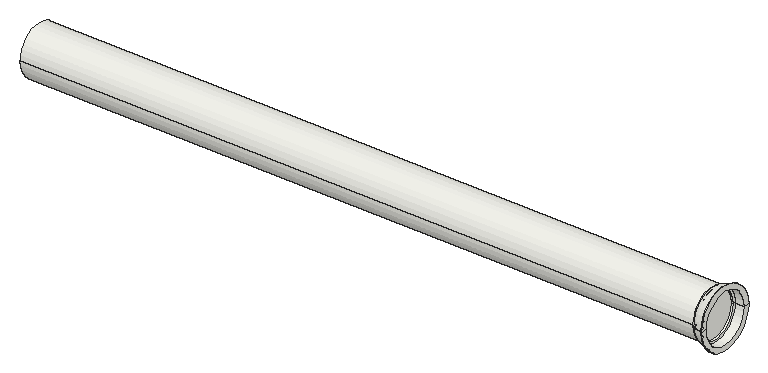
Revit family "FoFo_Tubo_PB", category Pipe Fittings, Revit 2025
Family settings
  Round Connector Dimension = Use Radius
  Part Type = Elbow
  OmniClass Number = 23.60.30.11.14
  OmniClass Title = Pipework Fittings
  Work Plane-Based = Yes
  Always vertical = No
  Cut with Voids When Loaded = No
  Shared = Yes
Parameters (values of type "TUPB_K7_0400")
  Manufacturer = "SGC"
  Loss Method = 1
  K Coefficient Table = "Tee"
  Junta_1_Tipo = FoFo_Junta_JGS : JGS_0400
  Description = "Tubo Ponta e Bolsa K7"
  Default Elevation = 1219.2 mm
  DN = "400"
  Corpo_L = 6000.0 mm
  Corpo_RE1 = 0.5 * Corpo_DE  # 214.5 mm
  Corpo_DE = 429.0 mm
Reference planes
  plane 1 "EixoP": y = 0
  plane 2: z = 0
  plane 3 "EixoS": x = 468.25
  plane 4 "EE": x = -2531.75
  plane 5 "ED": x = 3468.25
Forms (mm)
  Sweep 1, solid, material "FOFO"
    path origin (0, 0, 0) x (1, 0, 0) y (0, 1, 0)
      loop
        line (-2531.75, 0) -> (3468.25, 0)
    profile origin (468.25, 0, 0) x (0, 1, 0) y (0, 0, 1)
      loop
        circle (0, 0) r 214.5
Dimensions and locks
  "Corpo_L": plane 4 "EE" to plane 5 "ED"
  equal spacing: plane 4 "EE", plane 3 "EixoS", plane 5 "ED"
  "Corpo_RE1": radius of Sweep 1 sketch curve
  aligned and locked: Sweep 1 sketch curve to plane 1 "EixoP"
  aligned and locked: plane 5 "ED" to Sweep 1 sketch curve
  aligned and locked: plane 4 "EE" to Sweep 1 sketch curve
  aligned and locked: nested 1 to Sweep 1
Automatic sketch dimensions
  Sweep 1 sketch curve to level = 0.0 mm
  Sweep 1 sketch curve to profile plane = 0.0 mm
Nested families
  nested 1: "FoFo_Junta_JGS" at (850, 0, 0), type <- "Junta_1_Tipo", type "JGS_0400"
Definition of nested family "FoFo_Junta_JGS"
  Parameters (values of type "JGS_0080")
    Manufacturer = "SGC"
    Loss Method = 1
    K Coefficient Table = "Tee"
    Description = "Bolsas JGS - JTI - JTE"
    Default Elevation = 0.0 mm
    DN = "80"
    Bolsa_RL = 0.5 * Bolsa_DL  # 40.0 mm
    Bolsa_Material = none
    Bolsa_DL = 80.0 mm
    Bolsa_Borde3 = Bolsa_Borde1 * 1.1  # 7.7 mm
    Bolsa_Borde1 = 7.0 mm
    Bolsa_RI = 0.5 * Bolsa_DI  # 50.5 mm
    Bolsa_RE = 0.5 * Bolsa_DE  # 49.0 mm
    Bolsa_RB = 0.5 * Bolsa_DB  # 84.0 mm
    Bolsa_Borde2 = Bolsa_Borde1 * 2  # 14.0 mm
    Bolsa_P = 92.0 mm
    Bolsa_E2 = 0.5 * Bolsa_E  # 3.0 mm
    Bolsa_E = 6.0 mm
    Bolsa_DI = 101.0 mm
    Bolsa_DE = 98.0 mm
    Bolsa_DB = 168.0 mm
  Types (16, lengths in mm): name | DN | Bolsa_RL | Bolsa_DL | Bolsa_RI | Bolsa_RE | Bolsa_RB | Bolsa_P | Bolsa_DI | Bolsa_DE | Bolsa_DB
    JGS_1200 | "1200" | 600.0 | 1200.0 | 629.0 | 627.5 | 706.0 | 167.0 | 1258.0 | 1255.0 | 1412.0
    JGS_1000 | "1000" | 500.0 | 1000.0 | 525.5 | 524.0 | 595.5 | 157.0 | 1051.0 | 1048.0 | 1191.0
    JGS_0900 | "900" | 450.0 | 900.0 | 474.0 | 472.5 | 541.0 | 147.0 | 948.0 | 945.0 | 1082.0
    JGS_0800 | "800" | 400.0 | 800.0 | 422.5 | 421.0 | 487.0 | 147.0 | 845.0 | 842.0 | 974.0
    JGS_0700 | "700" | 350.0 | 700.0 | 370.5 | 369.0 | 431.5 | 147.0 | 741.0 | 738.0 | 863.0
    JGS_0600 | "600" | 300.0 | 600.0 | 319.0 | 317.5 | 369.5 | 122.0 | 638.0 | 635.0 | 739.0
    JGS_0500 | "500" | 250.0 | 500.0 | 267.5 | 266.0 | 315.0 | 117.0 | 535.0 | 532.0 | 630.0
    JGS_0450 | "450" | 225.0 | 450.0 | 241.5 | 240.0 | 287.5 | 115.0 | 483.0 | 480.0 | 575.0
    JGS_0400 | "400" | 200.0 | 400.0 | 216.0 | 214.5 | 258.5 | 112.0 | 432.0 | 429.0 | 517.0
    JGS_0350 | "350" | 175.0 | 350.0 | 190.5 | 189.0 | 232.5 | 110.0 | 381.0 | 378.0 | 465.0
    JGS_0300 | "300" | 150.0 | 300.0 | 164.5 | 163.0 | 205.0 | 107.0 | 329.0 | 326.0 | 410.0
    JGS_0250 | "250" | 125.0 | 250.0 | 138.5 | 137.0 | 176.5 | 105.0 | 277.0 | 274.0 | 353.0
    JGS_0200 | "200" | 100.0 | 200.0 | 112.5 | 111.0 | 148.0 | 106.0 | 225.0 | 222.0 | 296.0
    JGS_0150 | "150" | 75.0 | 150.0 | 86.5 | 85.0 | 121.5 | 100.0 | 173.0 | 170.0 | 243.0
    JGS_0100 | "100" | 50.0 | 100.0 | 60.5 | 59.0 | 94.5 | 94.0 | 121.0 | 118.0 | 189.0
    JGS_0080 | "80" | 40.0 | 80.0 | 50.5 | 49.0 | 84.0 | 92.0 | 101.0 | 98.0 | 168.0
  Reference planes
    plane 1 "EixoP": y = 0
    plane 2: z = 0
    plane 3 "EixoS": x = 2618.25
    plane 4: x = 2710.25
    plane 5: y = 84
    plane 6: y = 50.5
    plane 7: y = 49
    plane 8: y = 40
  Forms (mm)
    Revolve 1, solid, material <- "Bolsa_Material"
      sketch origin (-3000, 0, 0) x (1, 0, 0) y (0, 1, 0)
        loop
          arc (5696.25, 76.3) -> (5656.623, 64.441) -> (5618.25, 49) r 450.776
          line (5618.25, 49) -> (5618.25, 40.5) -> (5644.614, 40.5) -> (5644.614, 50.5) -> (5710.25, 50.5) -> (5710.25, 84) -> (5703.25, 84) -> (5696.25, 76.3)
        axis (5618.25, 0) -> (5710.25, 0)
      angle from 0 to 360
  Lines and regions (mm)
    model lines, detail levels coarse
      curve 1: line (2618.25, 0, 0) -> (2648.25, 0, 0)
      curve 2: arc (2698.25, 50, 0) -> (2648.25, 0, 0) -> (2698.25, -50, 0) r 50
  Dimensions and locks
    "Bolsa_Borde1": Revolve 1 sketch curve to Revolve 1 sketch curve
    "Bolsa_Borde2": Revolve 1 sketch curve to Revolve 1 sketch curve
    "Bolsa_Borde3": Revolve 1 sketch curve to Revolve 1 sketch curve
    "Bolsa_P": plane 3 "EixoS" to Revolve 1 sketch curve
    "Bolsa_P": plane 4 to plane 3 "EixoS"
    "Bolsa_RB": plane 5 to plane 1 "EixoP"
    "Bolsa_RI": plane 6 to plane 1 "EixoP"
    "Bolsa_RE": plane 7 to plane 1 "EixoP"
    "Bolsa_RL": plane 8 to plane 1 "EixoP"
    aligned and locked: Revolve 1 sketch curve to plane 1 "EixoP"
    aligned and locked: Revolve 1 sketch curve to plane 5
    aligned and locked: plane 6 to Revolve 1 sketch curve
  Automatic sketch dimensions
    curve 1 to plane 1 "EixoP" = 0.0 mm
    curve 1 to plane 3 "EixoS" = 0.0 mm
    plane 1 "EixoP" to curve 2 = 0.0 mm
    plane 3 "EixoS" to curve 2 = 80.0 mm
    plane 3 "EixoS" to curve 1 = 30.0 mm
    Revolve 1 sketch curve to plane 3 "EixoS" = 0.0 mm  (x2)
    Revolve 1 sketch curve to plane 7 = 0.0 mm
    plane 8 to Revolve 1 sketch curve = 0.5 mm
    plane 3 "EixoS" to Revolve 1 sketch curve = 26.364 mm
    plane 4 to Revolve 1 sketch curve = 95.287 mm
    plane 4 to Revolve 1 sketch curve = 9.153 mm
